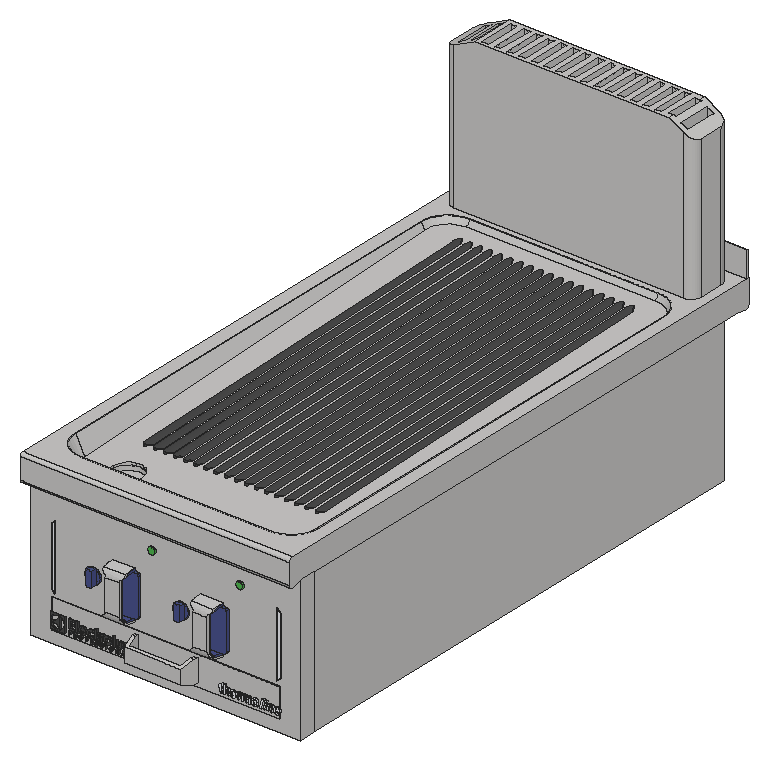
Revit family "QF_ELECTROLUXPROFESSIONAL_593109_MBHNBBDOVO", category Specialty Equipment, Revit 2014 (continued)
Definition of nested family "Front_Panel_W400_Two Knobs_2Spie_Manop"
  Definition of nested family "ELX_Professional_Logo_Small"
    Forms (mm)
      Extrusion 1, solid
        sketch origin (0, 0, 0) x (1, 0, 0) y (0, 1, 0)
          loop
            line (-1219.2, 1219.2) -> (-1219.2, -1219.2) -> (1219.2, -1219.2) -> (1219.2, 1219.2) -> (-1219.2, 1219.2)
        from 0 to -304.8
      Extrusion 2, solid, material "QF_Finishes_Black" <- "Material_Logo"
        sketch origin (15.5, 0, 0) x (1, 0, 0) y (0, 1, 0)
          loop
            spline (-42.99, -1.24) -> (-43.195, -1.231) -> (-43.415, -1.203) -> (-43.642, -1.152) -> (-43.87, -1.074) -> (-44.095, -0.966) -> (-44.309, -0.825) -> (-44.506, -0.647) -> (-44.681, -0.429) -> (-44.828, -0.167) -> (-44.94, 0.142) -> (-45.011, 0.501) -> (-45.037, 0.915)
            line (-45.037, 0.915) -> (-45.037, 2.748) -> (-38.984, 2.748) -> (-38.984, 5.086) -> (-45.038, 5.086) -> (-45.038, 8.489) -> (-38.599, 8.489) -> (-38.599, 10.82) -> (-47.515, 10.82) -> (-47.515, 1.021)
            spline (-47.515, 1.021) -> (-47.493, 0.418) -> (-47.425, -0.15) -> (-47.311, -0.682) -> (-47.15, -1.175) -> (-46.939, -1.628) -> (-46.678, -2.038) -> (-46.365, -2.404) -> (-46, -2.723) -> (-45.58, -2.995) -> (-45.105, -3.216) -> (-44.573, -3.385) -> (-43.983, -3.499)
            line (-43.983, -3.499) -> (-43.01, -3.569) -> (-38.426, -3.569) -> (-38.426, -1.24) -> (-42.99, -1.24)
          loop
            line (-36.666, 4.021) -> (-36.666, -3.573) -> (-34.188, -3.573) -> (-34.188, 10.824) -> (-36.666, 10.824) -> (-36.666, 4.021)
          loop
            spline (-21.915, 1.897) -> (-21.957, 2.615) -> (-22.082, 3.303) -> (-22.285, 3.955) -> (-22.563, 4.564) -> (-22.913, 5.124) -> (-23.331, 5.629) -> (-23.814, 6.074) -> (-24.359, 6.451) -> (-24.961, 6.755) -> (-25.618, 6.98) -> (-26.326, 7.119) -> (-27.081, 7.167)
            spline (-27.081, 7.167) -> (-27.853, 7.122) -> (-28.586, 6.99) -> (-29.275, 6.774) -> (-29.915, 6.478) -> (-30.5, 6.104) -> (-31.024, 5.657) -> (-31.483, 5.138) -> (-31.871, 4.553) -> (-32.182, 3.904) -> (-32.411, 3.194) -> (-32.552, 2.427) -> (-32.6, 1.606)
            spline (-32.6, 1.606) -> (-32.553, 0.805) -> (-32.416, 0.057) -> (-32.193, -0.637) -> (-31.887, -1.271) -> (-31.504, -1.843) -> (-31.048, -2.35) -> (-30.523, -2.788) -> (-29.934, -3.154) -> (-29.284, -3.444) -> (-28.579, -3.656) -> (-27.822, -3.785) -> (-27.019, -3.829)
            spline (-27.019, -3.829) -> (-26.627, -3.82) -> (-26.239, -3.79) -> (-25.856, -3.739) -> (-25.477, -3.663) -> (-25.103, -3.562) -> (-24.734, -3.432) -> (-24.369, -3.273) -> (-24.01, -3.082) -> (-23.655, -2.858) -> (-23.305, -2.597) -> (-22.96, -2.299) -> (-22.621, -1.962)
            line (-22.621, -1.962) -> (-24.114, -0.509)
            spline (-24.114, -0.509) -> (-24.311, -0.699) -> (-24.509, -0.872) -> (-24.71, -1.03) -> (-24.915, -1.172) -> (-25.126, -1.297) -> (-25.346, -1.407) -> (-25.576, -1.5) -> (-25.817, -1.576) -> (-26.072, -1.636) -> (-26.342, -1.678) -> (-26.629, -1.704) -> (-26.936, -1.713)
            spline (-26.936, -1.713) -> (-27.384, -1.691) -> (-27.805, -1.625) -> (-28.196, -1.518) -> (-28.556, -1.372) -> (-28.882, -1.187) -> (-29.174, -0.966) -> (-29.429, -0.71) -> (-29.645, -0.422) -> (-29.821, -0.102) -> (-29.955, 0.247) -> (-30.045, 0.623) -> (-30.089, 1.026)
            line (-30.089, 1.026) -> (-21.956, 1.026) -> (-21.915, 1.897)
          loop
            spline (-24.446, 2.769) -> (-24.47, 3.075) -> (-24.54, 3.37) -> (-24.654, 3.65) -> (-24.807, 3.913) -> (-24.996, 4.156) -> (-25.219, 4.376) -> (-25.472, 4.57) -> (-25.753, 4.736) -> (-26.057, 4.869) -> (-26.382, 4.968) -> (-26.724, 5.03) -> (-27.081, 5.051)
            spline (-27.081, 5.051) -> (-27.464, 5.03) -> (-27.832, 4.97) -> (-28.183, 4.872) -> (-28.513, 4.74) -> (-28.819, 4.577) -> (-29.099, 4.384) -> (-29.347, 4.165) -> (-29.563, 3.923) -> (-29.742, 3.659) -> (-29.881, 3.377) -> (-29.977, 3.079) -> (-30.027, 2.769)
            line (-30.027, 2.769) -> (-24.446, 2.769)
          loop
            spline (-18.167, 1.669) -> (-18.138, 2.13) -> (-18.055, 2.567) -> (-17.921, 2.978) -> (-17.739, 3.358) -> (-17.512, 3.705) -> (-17.243, 4.016) -> (-16.937, 4.287) -> (-16.596, 4.517) -> (-16.223, 4.7) -> (-15.823, 4.835) -> (-15.398, 4.919) -> (-14.951, 4.947)
            spline (-14.951, 4.947) -> (-14.677, 4.938) -> (-14.414, 4.913) -> (-14.162, 4.871) -> (-13.921, 4.812) -> (-13.69, 4.738) -> (-13.467, 4.649) -> (-13.254, 4.544) -> (-13.048, 4.424) -> (-12.85, 4.291) -> (-12.659, 4.143) -> (-12.474, 3.981) -> (-12.295, 3.806)
            line (-12.295, 3.806) -> (-10.76, 5.403)
            spline (-10.76, 5.403) -> (-11.065, 5.709) -> (-11.38, 5.984) -> (-11.703, 6.228) -> (-12.035, 6.443) -> (-12.375, 6.63) -> (-12.723, 6.788) -> (-13.078, 6.92) -> (-13.44, 7.026) -> (-13.809, 7.107) -> (-14.184, 7.164) -> (-14.564, 7.198) -> (-14.951, 7.209)
            spline (-14.951, 7.209) -> (-15.725, 7.161) -> (-16.467, 7.02) -> (-17.169, 6.792) -> (-17.826, 6.482) -> (-18.43, 6.096) -> (-18.976, 5.637) -> (-19.455, 5.112) -> (-19.862, 4.525) -> (-20.19, 3.882) -> (-20.433, 3.189) -> (-20.584, 2.449) -> (-20.635, 1.669)
            spline (-20.635, 1.669) -> (-20.584, 0.889) -> (-20.433, 0.149) -> (-20.19, -0.545) -> (-19.862, -1.187) -> (-19.455, -1.774) -> (-18.976, -2.299) -> (-18.43, -2.758) -> (-17.826, -3.145) -> (-17.169, -3.454) -> (-16.467, -3.682) -> (-15.725, -3.823) -> (-14.951, -3.871)
            spline (-14.951, -3.871) -> (-14.564, -3.86) -> (-14.184, -3.826) -> (-13.809, -3.77) -> (-13.44, -3.689) -> (-13.078, -3.583) -> (-12.723, -3.451) -> (-12.375, -3.292) -> (-12.035, -3.105) -> (-11.703, -2.89) -> (-11.38, -2.646) -> (-11.065, -2.371) -> (-10.76, -2.066)
            line (-10.76, -2.066) -> (-12.295, -0.468)
            spline (-12.295, -0.468) -> (-12.474, -0.643) -> (-12.659, -0.805) -> (-12.85, -0.953) -> (-13.048, -1.087) -> (-13.254, -1.206) -> (-13.467, -1.311) -> (-13.69, -1.4) -> (-13.921, -1.475) -> (-14.162, -1.533) -> (-14.414, -1.575) -> (-14.677, -1.6) -> (-14.951, -1.609)
            spline (-14.951, -1.609) -> (-15.398, -1.581) -> (-15.823, -1.497) -> (-16.223, -1.362) -> (-16.596, -1.179) -> (-16.937, -0.95) -> (-17.243, -0.678) -> (-17.512, -0.367) -> (-17.739, -0.02) -> (-17.921, 0.36) -> (-18.055, 0.771) -> (-18.138, 1.208) -> (-18.167, 1.669)
          loop
            spline (-4.441, -1.243) -> (-4.659, -1.247) -> (-4.894, -1.23) -> (-5.137, -1.19) -> (-5.384, -1.121) -> (-5.628, -1.021) -> (-5.864, -0.884) -> (-6.084, -0.708) -> (-6.283, -0.488) -> (-6.454, -0.219) -> (-6.592, 0.101) -> (-6.69, 0.478) -> (-6.742, 0.914)
            line (-6.742, 0.914) -> (-6.742, 4.587) -> (-4.487, 4.587) -> (-4.487, 6.838) -> (-6.738, 6.838) -> (-6.738, 10.824) -> (-9.217, 10.824) -> (-9.217, 0.773)
            spline (-9.217, 0.773) -> (-9.164, 0.19) -> (-9.068, -0.358) -> (-8.928, -0.87) -> (-8.742, -1.343) -> (-8.511, -1.777) -> (-8.232, -2.168) -> (-7.904, -2.515) -> (-7.527, -2.816) -> (-7.098, -3.069) -> (-6.618, -3.273) -> (-6.084, -3.426) -> (-5.496, -3.525)
            line (-5.496, -3.525) -> (-4.45, -3.573) -> (-4.441, -1.243)
          loop
            spline (3.898, 6.983) -> (3.469, 7.009) -> (3.056, 7.001) -> (2.661, 6.961) -> (2.283, 6.888) -> (1.925, 6.785) -> (1.588, 6.652) -> (1.272, 6.49) -> (0.979, 6.301) -> (0.71, 6.085) -> (0.465, 5.844) -> (0.247, 5.578) -> (0.056, 5.289)
            line (0.056, 5.289) -> (0.056, 6.838) -> (-2.402, 6.838) -> (-2.402, -3.572) -> (0.056, -3.572) -> (0.056, 1.901)
            spline (0.056, 1.901) -> (0.079, 2.316) -> (0.145, 2.703) -> (0.254, 3.06) -> (0.404, 3.386) -> (0.592, 3.679) -> (0.818, 3.938) -> (1.08, 4.162) -> (1.375, 4.348) -> (1.703, 4.495) -> (2.062, 4.602) -> (2.45, 4.668) -> (2.865, 4.69)
            line (2.865, 4.69) -> (3.898, 4.586) -> (3.898, 6.983)
          loop
            spline (15.638, 1.633) -> (15.586, 2.396) -> (15.435, 3.124) -> (15.192, 3.81) -> (14.863, 4.449) -> (14.455, 5.034) -> (13.975, 5.56) -> (13.43, 6.021) -> (12.826, 6.411) -> (12.17, 6.724) -> (11.469, 6.955) -> (10.729, 7.098) -> (9.958, 7.147)
            spline (9.958, 7.147) -> (9.182, 7.098) -> (8.44, 6.955) -> (7.737, 6.724) -> (7.081, 6.411) -> (6.477, 6.021) -> (5.933, 5.56) -> (5.454, 5.034) -> (5.048, 4.449) -> (4.721, 3.81) -> (4.479, 3.124) -> (4.329, 2.396) -> (4.277, 1.633)
            spline (4.277, 1.633) -> (4.329, 0.869) -> (4.479, 0.141) -> (4.721, -0.544) -> (5.048, -1.183) -> (5.454, -1.768) -> (5.933, -2.294) -> (6.477, -2.755) -> (7.081, -3.145) -> (7.737, -3.459) -> (8.44, -3.69) -> (9.182, -3.833) -> (9.958, -3.882)
            spline (9.958, -3.882) -> (10.729, -3.833) -> (11.469, -3.69) -> (12.17, -3.459) -> (12.826, -3.145) -> (13.43, -2.755) -> (13.975, -2.294) -> (14.455, -1.768) -> (14.863, -1.183) -> (15.192, -0.544) -> (15.435, 0.141) -> (15.586, 0.869) -> (15.638, 1.633)
          loop
            spline (13.18, 1.633) -> (13.151, 2.083) -> (13.067, 2.513) -> (12.932, 2.918) -> (12.748, 3.296) -> (12.52, 3.642) -> (12.251, 3.954) -> (11.943, 4.227) -> (11.601, 4.459) -> (11.228, 4.645) -> (10.828, 4.782) -> (10.403, 4.867) -> (9.958, 4.896)
            spline (9.958, 4.896) -> (9.509, 4.867) -> (9.081, 4.782) -> (8.679, 4.645) -> (8.306, 4.459) -> (7.964, 4.227) -> (7.658, 3.954) -> (7.39, 3.642) -> (7.163, 3.296) -> (6.981, 2.918) -> (6.847, 2.513) -> (6.765, 2.083) -> (6.736, 1.633)
            spline (6.736, 1.633) -> (6.765, 1.182) -> (6.847, 0.753) -> (6.981, 0.347) -> (7.163, -0.031) -> (7.39, -0.377) -> (7.658, -0.689) -> (7.964, -0.962) -> (8.306, -1.193) -> (8.679, -1.38) -> (9.081, -1.517) -> (9.509, -1.602) -> (9.958, -1.631)
            spline (9.958, -1.631) -> (10.403, -1.602) -> (10.828, -1.517) -> (11.228, -1.38) -> (11.601, -1.193) -> (11.943, -0.962) -> (12.251, -0.689) -> (12.52, -0.377) -> (12.748, -0.031) -> (12.932, 0.347) -> (13.067, 0.753) -> (13.151, 1.182) -> (13.18, 1.633)
          loop
            line (17.162, 4.269) -> (17.162, -3.573) -> (19.642, -3.573) -> (19.642, 10.824) -> (17.162, 10.824) -> (17.162, 4.269)
          loop
            line (28.581, 6.838) -> (28.581, 0.786)
            spline (28.581, 0.786) -> (28.561, 0.393) -> (28.503, 0.038) -> (28.409, -0.279) -> (28.281, -0.559) -> (28.122, -0.802) -> (27.933, -1.011) -> (27.717, -1.185) -> (27.476, -1.325) -> (27.213, -1.433) -> (26.929, -1.509) -> (26.626, -1.554) -> (26.308, -1.569)
            spline (26.308, -1.569) -> (25.99, -1.554) -> (25.688, -1.509) -> (25.404, -1.434) -> (25.141, -1.326) -> (24.9, -1.187) -> (24.684, -1.014) -> (24.496, -0.807) -> (24.336, -0.565) -> (24.209, -0.288) -> (24.115, 0.026) -> (24.057, 0.376) -> (24.037, 0.765)
            line (24.037, 0.765) -> (24.037, 6.838) -> (21.537, 6.838) -> (21.537, 0.558)
            spline (21.537, 0.558) -> (21.581, -0.153) -> (21.71, -0.8) -> (21.916, -1.384) -> (22.195, -1.904) -> (22.54, -2.362) -> (22.944, -2.757) -> (23.403, -3.09) -> (23.909, -3.362) -> (24.456, -3.572) -> (25.04, -3.722) -> (25.652, -3.811) -> (26.288, -3.841)
            spline (26.288, -3.841) -> (26.929, -3.811) -> (27.547, -3.72) -> (28.135, -3.568) -> (28.687, -3.355) -> (29.197, -3.079) -> (29.66, -2.741) -> (30.068, -2.341) -> (30.415, -1.877) -> (30.696, -1.349) -> (30.905, -0.757) -> (31.034, -0.101) -> (31.079, 0.621)
            line (31.079, 0.621) -> (31.079, 6.838) -> (28.581, 6.838)
          loop
            line (40.457, -0.243) -> (38.894, 1.942) -> (40.83, 4.579) -> (42.488, 6.837) -> (39.782, 6.837) -> (37.53, 3.719) -> (35.258, 6.837) -> (32.573, 6.837) -> (34.113, 4.731) -> (36.167, 1.922) -> (34.014, -1.076) -> (32.222, -3.573) -> (34.887, -3.573) -> (37.53, 0.104) -> (40.174, -3.573) -> (42.839, -3.573) -> (40.457, -0.243)
          loop
            line (-46.121, -5.837) -> (-48.039, -5.837) -> (-48.039, -10.814) -> (-47.016, -10.814) -> (-47.016, -9.128) -> (-46.121, -9.128)
            arc (-46.121, -9.128) -> (-44.476, -7.482) -> (-46.121, -5.837) r 1.645
          loop
            line (-46.163, -6.778) -> (-47.016, -6.778) -> (-47.016, -8.187) -> (-46.163, -8.187)
            arc (-46.163, -8.187) -> (-45.458, -7.482) -> (-46.163, -6.778) r 0.704
          loop
            line (-38.313, -5.837) -> (-40.265, -5.837) -> (-40.265, -10.814) -> (-39.241, -10.814) -> (-39.241, -9.1) -> (-38.46, -9.182) -> (-37.48, -10.814) -> (-36.318, -10.814) -> (-37.513, -8.848)
            arc (-37.513, -8.848) -> (-36.888, -8.266) -> (-36.671, -7.441) r 1.536
            arc (-36.671, -7.441) -> (-37.165, -6.305) -> (-38.313, -5.837) r 1.643
          loop
            arc (-38.402, -8.166) -> (-37.707, -7.505) -> (-38.334, -6.778) r 0.696
            line (-38.334, -6.778) -> (-39.241, -6.778) -> (-39.241, -8.166) -> (-38.402, -8.166)
          loop
            circle (-29.965, -8.325) r 2.585
          loop
            circle (-29.965, -8.325) r 1.64
          loop
            line (-23.1, -5.837) -> (-23.1, -10.814) -> (-22.076, -10.814) -> (-22.076, -8.768) -> (-20.204, -8.768) -> (-20.204, -7.828) -> (-22.076, -7.828) -> (-22.076, -6.778) -> (-20.024, -6.778) -> (-20.024, -5.837) -> (-23.1, -5.837)
          loop
            line (-15.802, -5.837) -> (-15.802, -9.2)
            arc (-15.802, -9.2) -> (-15.343, -10.34) -> (-14.209, -10.814) r 1.593
            line (-14.209, -10.814) -> (-12.602, -10.814) -> (-12.602, -10.027) -> (-14.004, -10.027)
            arc (-14.004, -10.027) -> (-14.552, -9.8) -> (-14.779, -9.252) r 0.775
            line (-14.779, -9.252) -> (-14.779, -8.424) -> (-12.789, -8.424) -> (-12.789, -7.642) -> (-14.779, -7.642) -> (-14.779, -6.778) -> (-12.651, -6.778) -> (-12.651, -5.837) -> (-15.802, -5.837)
          loop
            line (-5.909, -7.143) -> (-5.173, -6.638)
            arc (-5.173, -6.638) -> (-5.855, -5.974) -> (-6.781, -5.755) r 1.782
            arc (-6.781, -5.755) -> (-7.397, -5.878) -> (-7.944, -6.189) r 1.974
            arc (-7.944, -6.189) -> (-8.202, -6.5) -> (-8.317, -6.888) r 1.013
            arc (-8.317, -6.888) -> (-8.306, -7.341) -> (-8.192, -7.78) r 1.985
            arc (-8.192, -7.78) -> (-7.749, -8.259) -> (-7.171, -8.563) r 1.928
            arc (-7.171, -8.563) -> (-6.637, -8.779) -> (-6.131, -9.056) r 5.041
            arc (-6.131, -9.056) -> (-5.934, -9.387) -> (-6.09, -9.74) r 0.42
            arc (-6.09, -9.74) -> (-6.631, -9.96) -> (-7.204, -9.845) r 1.016
            arc (-7.204, -9.845) -> (-7.625, -9.603) -> (-7.889, -9.196) r 1.033
            line (-7.889, -9.196) -> (-8.67, -9.686)
            arc (-8.67, -9.686) -> (-8.361, -10.198) -> (-7.908, -10.589) r 1.914
            arc (-7.908, -10.589) -> (-7.334, -10.834) -> (-6.714, -10.896) r 2.063
            arc (-6.714, -10.896) -> (-5.947, -10.743) -> (-5.256, -10.376) r 2.696
            arc (-5.256, -10.376) -> (-4.95, -9.565) -> (-5.108, -8.712) r 1.618
            arc (-5.108, -8.712) -> (-5.448, -8.319) -> (-5.884, -8.035) r 1.876
            arc (-5.884, -8.035) -> (-6.434, -7.789) -> (-6.999, -7.577) r 9.883
            arc (-6.999, -7.577) -> (-7.325, -7.07) -> (-6.854, -6.694) r 0.45
            arc (-6.854, -6.694) -> (-6.329, -6.809) -> (-5.909, -7.143) r 1.197
          loop
            line (1.61, -7.143) -> (2.345, -6.638)
            arc (2.345, -6.638) -> (1.663, -5.974) -> (0.737, -5.755) r 1.782
            arc (0.737, -5.755) -> (0.121, -5.878) -> (-0.425, -6.189) r 1.974
            arc (-0.425, -6.189) -> (-0.683, -6.5) -> (-0.799, -6.888) r 1.013
            arc (-0.799, -6.888) -> (-0.788, -7.341) -> (-0.674, -7.78) r 1.985
            arc (-0.674, -7.78) -> (-0.231, -8.259) -> (0.347, -8.563) r 1.928
            arc (0.347, -8.563) -> (0.881, -8.779) -> (1.387, -9.056) r 5.041
            arc (1.387, -9.056) -> (1.584, -9.387) -> (1.428, -9.74) r 0.42
            arc (1.428, -9.74) -> (0.887, -9.96) -> (0.314, -9.845) r 1.016
            arc (0.314, -9.845) -> (-0.107, -9.603) -> (-0.371, -9.196) r 1.033
            line (-0.371, -9.196) -> (-1.152, -9.686)
            arc (-1.152, -9.686) -> (-0.842, -10.198) -> (-0.39, -10.589) r 1.914
            arc (-0.39, -10.589) -> (0.184, -10.834) -> (0.804, -10.896) r 2.063
            arc (0.804, -10.896) -> (1.572, -10.743) -> (2.263, -10.376) r 2.696
            arc (2.263, -10.376) -> (2.568, -9.565) -> (2.411, -8.712) r 1.618
            arc (2.411, -8.712) -> (2.07, -8.319) -> (1.635, -8.035) r 1.876
            arc (1.635, -8.035) -> (1.084, -7.789) -> (0.519, -7.577) r 9.883
            arc (0.519, -7.577) -> (0.193, -7.07) -> (0.665, -6.694) r 0.45
            arc (0.665, -6.694) -> (1.189, -6.809) -> (1.61, -7.143) r 1.197
          loop
            line (6.801, -5.837) -> (6.801, -10.814) -> (7.825, -10.814) -> (7.825, -5.837) -> (6.801, -5.837)
          loop
            circle (14.724, -8.325) r 1.548
          loop
            circle (14.724, -8.325) r 2.585
          loop
            line (21.59, -10.814) -> (22.623, -10.814) -> (22.623, -7.685) -> (24.9, -10.814) -> (25.895, -10.814) -> (25.895, -5.837) -> (24.861, -5.837) -> (24.861, -9.061) -> (22.585, -5.837) -> (21.59, -5.837) -> (21.59, -10.814)
          loop
            line (31.054, -10.814) -> (31.539, -9.74) -> (33.38, -9.74) -> (33.865, -10.814) -> (34.965, -10.814) -> (32.46, -5.837) -> (29.956, -10.814) -> (31.054, -10.814)
          loop
            line (32.46, -7.698) -> (31.999, -8.719) -> (32.921, -8.719) -> (32.46, -7.698)
          loop
            line (40.047, -9.873) -> (40.047, -5.837) -> (39.024, -5.837) -> (39.024, -10.814) -> (41.961, -10.814) -> (41.961, -9.873) -> (40.047, -9.873)
          loop
            line (-74.986, -10.814) -> (-53.322, -10.814) -> (-53.322, 10.82) -> (-74.986, 10.82) -> (-74.986, -10.814)
          loop
            line (-61.261, 9.758) -> (-61.261, -9.707)
            arc (-61.261, -9.707) -> (-54.066, 0.025) -> (-61.261, 9.758) r 10.18
          loop
            line (-62.251, 8.349) -> (-62.251, 9.758)
            arc (-62.251, 9.758) -> (-70.347, 7.918) -> (-74.247, 0.59) r 9.976
            line (-74.247, 0.59) -> (-71.026, 0.59)
            arc (-71.026, 0.59) -> (-65.274, 2.925) -> (-62.251, 8.349) r 9.351
          loop
            arc (-74.247, -0.539) -> (-70.353, -7.928) -> (-62.251, -9.957) r 10.237
            line (-62.251, -9.957) -> (-62.251, -8.298)
            arc (-62.251, -8.298) -> (-65.274, -2.874) -> (-71.026, -0.539) r 9.351
            line (-71.026, -0.539) -> (-74.247, -0.539)
        from 0 to 1.644
    Dimensions and locks
      aligned and locked: plane 2 to Extrusion 1
      aligned and locked: level to Extrusion 1
Definition of nested family "Rib_D12"
  Parameters (values of type "Rib_D12")
    Show Clearance [instance] = yes
    Model = ""
    Lenght [instance] = 588 mm
    Default Elevation = 0 mm
  Reference planes
    plane 1 "Center (Front/Back)": y = -11.07
    plane 2: z = 0
    plane 3 "Center (Left/Right)": x = 0
    plane 4 "Back": y = 282.93
    plane 5 "Front": y = -305.07
  Forms (mm)
    Extrusion 1, solid
      sketch origin (0, -919.2, 0) x (1, 0, 0) y (0, 1, 0)
        loop
          line (-198.75, 1399.2) -> (-198.75, 386.445) -> (165.741, 386.445) -> (165.741, 1399.2) -> (-198.75, 1399.2)
      from 0 to -59.546
    Extrusion 2, solid, material "QF_Finishes_Black"
      sketch origin (0, -11.07, -267.484) x (1, 0, 0) y (0, 0, 1)
        loop
          line (-6, 267.484) -> (6, 267.484)
          arc (6, 267.484) -> (0, 269.184) -> (-6, 267.484) r 11.438
      from -294 to 294
    Extrusion 3, void
      sketch origin (0, 0, 0) x (1, 0, 0) y (0, 1, 0)
        loop
          line (-6, 274.93) -> (-2.484, 281.02)
          arc (-2.484, 281.02) -> (0, 282.454) -> (2.484, 281.02) r 2.868
          line (2.484, 281.02) -> (6, 274.93) -> (6, 282.93) -> (-6, 282.93) -> (-6, 274.93)
        loop
          line (-6, -297.07) -> (-6, -305.07) -> (6, -305.07) -> (6, -297.07) -> (2.484, -303.16)
          arc (2.484, -303.16) -> (0, -304.594) -> (-2.484, -303.16) r 2.868
          line (-2.484, -303.16) -> (-6, -297.07)
      from 0 to 2
  Cuts and joins
    Extrusion 3 cuts Extrusion 2
  Lines and regions (mm)
    symbolic lines
      curve 1: line (64.247, -11.07, 0) -> (64.247, -11.07, 4)
      curve 2: line (64.247, -11.07, 4) -> (-64.765, -11.07, 4)
      curve 3: line (-64.765, -11.07, 4) -> (-64.765, -11.07, 0)
      curve 4: line (-40, -11.07, 8) -> (-40, -11.07, 4)
      curve 5: line (40, -11.07, 8) -> (40, -11.07, 4)
      curve 6: line (40, -11.07, 8) -> (-40, -11.07, 8)
      curve 7: line (6, -297.07, 0) -> (6, 274.93, 0)
      curve 8: line (-6, 274.93, 0) -> (-6, -297.07, 0)
      curve 9: line (-6, 274.93, 0) -> (-2.484, 281.02, 0)
      curve 10: line (2.484, 281.02, 0) -> (6, 274.93, 0)
      curve 11: arc (-2.484, 281.02, 0) -> (0, 282.454, 0) -> (2.484, 281.02, 0) r 2.868
      curve 12: line (-2.484, -303.16, 0) -> (-6, -297.07, 0)
      curve 13: arc (2.484, -303.16, 0) -> (0, -304.594, 0) -> (-2.484, -303.16, 0) r 2.868
      curve 14: line (6, -297.07, 0) -> (2.484, -303.16, 0)
  Dimensions and locks
    "Lenght": plane 4 "Back" to plane 5 "Front"
    equal spacing: plane 4 "Back", plane 1 "Center (Front/Back)", plane 5 "Front"
    aligned and locked: plane 2 to Extrusion 1
    aligned and locked: level to Extrusion 1
    aligned and locked: plane 4 "Back" to Extrusion 2
    aligned and locked: Extrusion 2 to plane 5 "Front"
  Automatic sketch dimensions
    curve 3 to level = 0 mm
    curve 1 to level = 0 mm
    level to curve 3 = 4 mm
    curve 3 to plane 3 "Center (Left/Right)" = 64.765 mm
    level to curve 6 = 8 mm
    curve 2 to curve 6 = 24.765 mm
    plane 3 "Center (Left/Right)" to curve 5 = 40 mm
    curve 5 to curve 1 = 24.247 mm
    Extrusion 1 sketch curve to Extrusion 1 sketch curve = 364.491 mm
    Extrusion 1 sketch curve to Extrusion 1 sketch curve = 1012.755 mm
    Extrusion 3 sketch curve to plane 3 "Center (Left/Right)" = 0 mm  (x2)
    Extrusion 3 sketch curve to plane 3 "Center (Left/Right)" = 2.484 mm  (x2)
    Extrusion 3 sketch curve to plane 3 "Center (Left/Right)" = 6 mm
    Extrusion 3 sketch curve to Extrusion 3 sketch curve = 3.516 mm  (x2)
    plane 3 "Center (Left/Right)" to Extrusion 3 sketch curve = 2.484 mm  (x2)
    plane 3 "Center (Left/Right)" to Extrusion 3 sketch curve = 6 mm
    plane 5 "Front" to Extrusion 3 sketch curve = 0 mm
    Extrusion 3 sketch curve to Extrusion 3 sketch curve = 1.91 mm  (x2)
    Extrusion 3 sketch curve to Extrusion 3 sketch curve = 1.434 mm  (x2)
    Extrusion 3 sketch curve to Extrusion 3 sketch curve = 6.09 mm  (x2)
    Extrusion 3 sketch curve to plane 4 "Back" = 8 mm
    Extrusion 3 sketch curve to Extrusion 3 sketch curve = 0 mm
    Extrusion 3 sketch curve to Extrusion 3 sketch curve = 4.656 mm
    curve 9 to plane 3 "Center (Left/Right)" = 6 mm
    curve 8 to plane 4 "Back" = 8 mm
    curve 9 to plane 3 "Center (Left/Right)" = 2.484 mm
    plane 3 "Center (Left/Right)" to curve 7 = 6 mm
    plane 5 "Front" to curve 8 = 8 mm
    plane 5 "Front" to curve 7 = 8 mm
    curve 7 to plane 4 "Back" = 8 mm
    curve 9 to plane 4 "Back" = 1.91 mm
    plane 3 "Center (Left/Right)" to curve 10 = 2.484 mm
    curve 10 to plane 4 "Back" = 1.91 mm
    curve 11 to curve 9 = 1.434 mm
    curve 12 to plane 3 "Center (Left/Right)" = 2.484 mm
    plane 5 "Front" to curve 12 = 1.91 mm
    curve 13 to plane 3 "Center (Left/Right)" = 0 mm
    curve 13 to curve 13 = 1.434 mm
    plane 5 "Front" to curve 13 = 1.91 mm
    Extrusion 2 sketch curve to plane 3 "Center (Left/Right)" = 0 mm
    Extrusion 2 sketch curve to plane 3 "Center (Left/Right)" = 6 mm
    Extrusion 2 sketch curve to level = 9.738 mm
    Extrusion 2 sketch curve to Extrusion 2 sketch curve = 9.738 mm
